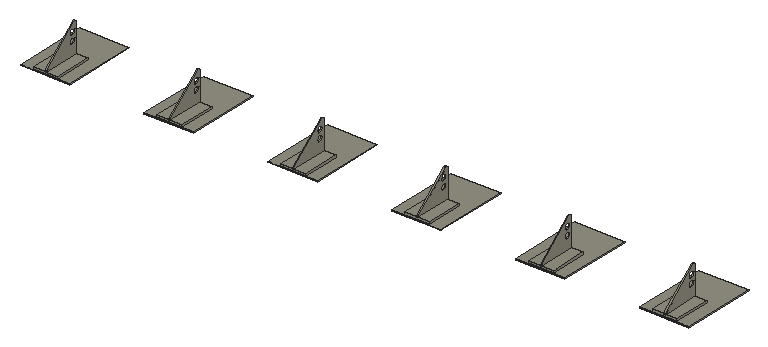
Revit family "Construction_Roof-Accessories_Alpine-SnowGuards_PP125", category Specialty Equipment, host Face, Revit 2019
Family settings
  Host = Face
  Round Connector Dimension = Use Diameter
  Part Type = Normal
  OmniClass Number = 23.35.20.31.27.14
  OmniClass Title = Snow Guards
  Cut with Voids When Loaded = No
  Shared = No
  Room Calculation Point = No
Parameters (values of type "Hi Hole")
  Z_Two Pipe = no
  Z_Two [instance] = Z_Length > Z_Horizontal Spacing  # yes
  Z_Three Pipe = no
  Z_Radius = 1/2"
  Z_One [instance] = not(Z_Array)  # no
  Z_Length [instance] = if(Length < Z_Horizontal Spacing, Z_Horizontal Spacing, Length)  # 100"
  Z_Horizontal Spacing [instance] = if(Horizontal Spacing < 2", 2", Horizontal Spacing)  # 20"
  Z_Hi Hole = yes
  Z_Array [instance] = and(Z_Length > Z_Horizontal Spacing * 2)  # yes
  URL = "https://www.alpinesnowguards.com/model/pp125-comp.-shingle?utm_source=bimobject&utm_medium=productlisting&utm_campaign=2022marketing"
  Snow Guard Count [instance] = if(Length < Horizontal Spacing, 1, if(and(Z_Length > Z_Horizontal Spacing, Z_Length < Z_Horizontal Spacing * 2), 2, Z_Number of Pads Control))  # 6
  Product data url = "https://www.bimobject.com/en-us/alpine-snowguards/product/pp125_two_or_three_pipe_snow_guard"
  Product Material = Alpine SnowGuards - Aluminium - Mill Finish
  Product Guid = "183d45e3-ab5a-41be-a8dc-9c0c1bbc698b"
  Z_Number of Pads Control [instance] = if(Z_Length / Z_Horizontal Spacing + 1 < 3, 3, rounddown(Z_Length / Z_Horizontal Spacing + 1))  # 6
  Pad Material = Alpine SnowGuards - Aluminium - Mill Finish
  Model = "PP125 - Hi Hole"
  Manufacturer = "Alpine SnowGuards"  # constant formula
  Length [instance] = 100"
  Keynote = "07720"
  Length Note [instance] = "To show a single SnowGuard set Length to 0"  # constant formula
  Horizontal Spacing = 20"
  Edition number = 1
  Description = "PP125 two or three pipe, pipe-style snow guard bracket. Multiple base plate sizes available."  # constant formula
  Default Elevation = 48"
  Base Options [instance] = Construction_Roof-Accessories_Alpine-SnowGuards_Base-PP125 : 8"x12"
  Base Material = Alpine SnowGuards - Aluminium - Mill Finish
  Assembly Code = "B3010"
Types (4): name | Z_Two Pipe | Z_Three Pipe | Z_Hi Hole | Model
  (no name) | no | no | yes | "PP125 - Hi Hole"
  Two Pipe | yes | no | no | "PP125 - Two Pipe"
  Three Pipe | no | yes | no | "PP125 - Three Pipe"
  Hi Hole | no | no | yes | "PP125 - Hi Hole"
Reference planes (in)
  plane 1 "Center (Front/Back)": y = 0
  plane 2: z = 0
  plane 3 "Center (Left/Right)": x = 0
  plane 4: x = 100
  plane 5: z = 0.125
  plane 6: x = 20
Dimensions and locks (in)
  "Z_Length": plane 3 "Center (Left/Right)" to plane 4
  locked: plane 5 to plane 2 at 0.125
  "Z_Horizontal Spacing": plane 3 "Center (Left/Right)" to plane 6
  equal spacing: group 1, group 2, group 3, group 7, group 8, group 9  (x3)
  equal spacing: group 4, group 5, group 6, group 10, group 11, group 12  (x3)
  aligned and locked: host face to plane 2
  aligned and locked: level to host face
  aligned and locked: nested 1 to plane 3 "Center (Left/Right)"
  aligned and locked: plane 3 "Center (Left/Right)" to nested 2
  aligned and locked: plane 6 to nested 3
  aligned and locked: nested 1 to plane 1 "Center (Front/Back)"
  aligned and locked: nested 5 to plane 6
  aligned and locked: nested 5 to plane 1 "Center (Front/Back)"
  aligned and locked: nested 9 to plane 1 "Center (Front/Back)"
  aligned and locked: plane 3 "Center (Left/Right)" to nested 9
  aligned and locked: nested 10 to plane 1 "Center (Front/Back)"
  aligned and locked: plane 6 to nested 10
  aligned and locked: nested 7 to plane 1 "Center (Front/Back)"
  aligned and locked: nested 7 to plane 3 "Center (Left/Right)"
  aligned and locked: nested 8 to plane 6
  aligned and locked: nested 8 to plane 1 "Center (Front/Back)"
Automatic sketch dimensions
  host sketch curve to host sketch curve = 135.21334"
  host sketch curve to host sketch curve = 96"
Nested families (in)
  nested 1: "Construction_Roof-Accessories_Alpine-SnowGuards_Pad-PP125" at (0, -5.35561, 0) x (-1, 0, 0) z (0, 0, 1), Pad Material <- "Pad Material", Three Pipe <- "Z_Three Pipe", Two Pipe <- "Z_Two Pipe", Hi Hole <- "Z_Hi Hole", visible <- "Z_Array", type "Construction_Roof-Accessories_Alpine-SnowGuards_Pad-PP125"
    with Two Pipe no, Three Pipe no, Pad Material Alpine SnowGuards - Aluminium - Mill Finish, Hi Hole yes
  nested 2: "Construction_Roof-Accessories_Alpine-SnowGuards_Base-PP125" at (0, 6.64062, 0), type <- "Base Options", Material <- "Base Material", visible <- "Z_Array", type "8"x12""
    with Material Alpine SnowGuards - Aluminium - Mill Finish
  nested 3: "Construction_Roof-Accessories_Alpine-SnowGuards_Base-PP125" at (20, 6.64062, 0), type <- "Base Options", Material <- "Base Material", visible <- "Z_Array", type "8"x12""
    with Material Alpine SnowGuards - Aluminium - Mill Finish
  nested 4: "Construction_Roof-Accessories_Alpine-SnowGuards_Base-PP125" at (40, 6.64062, 0), type <- "Base Options", Material <- "Base Material", visible <- "Z_Array", type "8"x12""
    with Material Alpine SnowGuards - Aluminium - Mill Finish
  nested 5: "Construction_Roof-Accessories_Alpine-SnowGuards_Pad-PP125" at (20, -5.35561, 0) x (-1, 0, 0) z (0, 0, 1), Pad Material <- "Pad Material", Three Pipe <- "Z_Three Pipe", Two Pipe <- "Z_Two Pipe", Hi Hole <- "Z_Hi Hole", visible <- "Z_Array", type "Construction_Roof-Accessories_Alpine-SnowGuards_Pad-PP125"
    with Two Pipe no, Three Pipe no, Pad Material Alpine SnowGuards - Aluminium - Mill Finish, Hi Hole yes
  nested 6: "Construction_Roof-Accessories_Alpine-SnowGuards_Pad-PP125" at (40, -5.35561, 0) x (-1, 0, 0) z (0, 0, 1), Pad Material <- "Pad Material", Three Pipe <- "Z_Three Pipe", Two Pipe <- "Z_Two Pipe", Hi Hole <- "Z_Hi Hole", visible <- "Z_Array", type "Construction_Roof-Accessories_Alpine-SnowGuards_Pad-PP125"
    with Two Pipe no, Three Pipe no, Pad Material Alpine SnowGuards - Aluminium - Mill Finish, Hi Hole yes
  nested 7: "Construction_Roof-Accessories_Alpine-SnowGuards_Pad-PP125" at (0, -5.35561, 0) x (-1, 0, 0) z (0, 0, 1), Pad Material <- "Pad Material", visible <- "Z_One", Three Pipe <- "Z_Three Pipe", Two Pipe <- "Z_Two Pipe", Hi Hole <- "Z_Hi Hole", type "Construction_Roof-Accessories_Alpine-SnowGuards_Pad-PP125"
    with Two Pipe no, Three Pipe no, Pad Material Alpine SnowGuards - Aluminium - Mill Finish, Hi Hole yes
  nested 8: "Construction_Roof-Accessories_Alpine-SnowGuards_Pad-PP125" at (20, -5.35561, 0) x (-1, 0, 0) z (0, 0, 1), Pad Material <- "Pad Material", visible <- "Z_Two", Three Pipe <- "Z_Three Pipe", Two Pipe <- "Z_Two Pipe", Hi Hole <- "Z_Hi Hole", type "Construction_Roof-Accessories_Alpine-SnowGuards_Pad-PP125"
    with Two Pipe no, Three Pipe no, Pad Material Alpine SnowGuards - Aluminium - Mill Finish, Hi Hole yes
  nested 9: "Construction_Roof-Accessories_Alpine-SnowGuards_Base-PP125" at (0, 6.64062, 0), type <- "Base Options", Material <- "Base Material", visible <- "Z_One", type "8"x12""
    with Material Alpine SnowGuards - Aluminium - Mill Finish
  nested 10: "Construction_Roof-Accessories_Alpine-SnowGuards_Base-PP125" at (20, 6.64062, 0), type <- "Base Options", Material <- "Base Material", visible <- "Z_Two", type "8"x12""
    with Material Alpine SnowGuards - Aluminium - Mill Finish
  nested 11: "Construction_Roof-Accessories_Alpine-SnowGuards_Base-PP125" at (60, 6.64062, 0), type <- "Base Options", Material <- "Base Material", visible <- "Z_Array", type "8"x12""
    with Material Alpine SnowGuards - Aluminium - Mill Finish
  nested 12: "Construction_Roof-Accessories_Alpine-SnowGuards_Base-PP125" at (80, 6.64062, 0), type <- "Base Options", Material <- "Base Material", visible <- "Z_Array", type "8"x12""
    with Material Alpine SnowGuards - Aluminium - Mill Finish
  nested 13: "Construction_Roof-Accessories_Alpine-SnowGuards_Base-PP125" at (100, 6.64062, 0), type <- "Base Options", Material <- "Base Material", visible <- "Z_Array", type "8"x12""
    with Material Alpine SnowGuards - Aluminium - Mill Finish
  nested 14: "Construction_Roof-Accessories_Alpine-SnowGuards_Pad-PP125" at (60, -5.35561, 0) x (-1, 0, 0) z (0, 0, 1), Pad Material <- "Pad Material", Three Pipe <- "Z_Three Pipe", Two Pipe <- "Z_Two Pipe", Hi Hole <- "Z_Hi Hole", visible <- "Z_Array", type "Construction_Roof-Accessories_Alpine-SnowGuards_Pad-PP125"
    with Two Pipe no, Three Pipe no, Pad Material Alpine SnowGuards - Aluminium - Mill Finish, Hi Hole yes
  nested 15: "Construction_Roof-Accessories_Alpine-SnowGuards_Pad-PP125" at (80, -5.35561, 0) x (-1, 0, 0) z (0, 0, 1), Pad Material <- "Pad Material", Three Pipe <- "Z_Three Pipe", Two Pipe <- "Z_Two Pipe", Hi Hole <- "Z_Hi Hole", visible <- "Z_Array", type "Construction_Roof-Accessories_Alpine-SnowGuards_Pad-PP125"
    with Two Pipe no, Three Pipe no, Pad Material Alpine SnowGuards - Aluminium - Mill Finish, Hi Hole yes
  nested 16: "Construction_Roof-Accessories_Alpine-SnowGuards_Pad-PP125" at (100, -5.35561, 0) x (-1, 0, 0) z (0, 0, 1), Pad Material <- "Pad Material", Three Pipe <- "Z_Three Pipe", Two Pipe <- "Z_Two Pipe", Hi Hole <- "Z_Hi Hole", visible <- "Z_Array", type "Construction_Roof-Accessories_Alpine-SnowGuards_Pad-PP125"
    with Two Pipe no, Three Pipe no, Pad Material Alpine SnowGuards - Aluminium - Mill Finish, Hi Hole yes
Definition of nested family "Construction_Roof-Accessories_Alpine-SnowGuards_Pad-PP125"
  Parameters (values of type "Construction_Roof-Accessories_Alpine-SnowGuards_Pad-PP125")
    Hi Hole [instance] = no
    Two Pipe [instance] = no
    Three Pipe [instance] = yes
    Pad Material [instance] = none
  Reference planes (in)
    plane 1 "Center (Front/Back)": y = 0
    plane 2: z = 0
    plane 3 "Center (Left/Right)": x = 0
    plane 4: y = -12
    plane 5: x = -3
    plane 6: x = 3
    plane 7: y = -6
    plane 8: y = -5.35561
  Forms (in)
    Extrusion 1, solid, material <- "Pad Material"
      sketch origin (0, 0, 0) x (1, 0, 0) y (0, 0, 1)
        loop
          line (-2, 0.4375) -> (-2, 0.125) -> (2, 0.125) -> (2, 0.4375) -> (-2, 0.4375)
      from 0.13728 to 6.13728
    Sweep 2, solid, material <- "Pad Material", visible <- "Two Pipe", detail levels fine
      path origin (0, 0, 0) x (1, 0, 0) y (0, 0, 1)
        loop
          line (-0.09375, 0.4375) -> (0.09375, 0.4375)
      profile origin (0, 0, 0.4375) x (0, 0, 1) y (0, -1, 0)
        loop
          arc (4.76605, 5.7273) -> (4.80032, 5.99336) -> (4.57394, 6.13728) r 0.25
          line (4.57394, 6.13728) -> (0, 6.13728) -> (0, 0.13728) -> (0.11115, 0.13728) -> (4.76605, 5.7273)
        loop
          circle (3.15625, 5.34534) r 0.53125
        loop
          circle (1.40625, 5.35561) r 0.53125
    Sweep 3, solid, material <- "Pad Material", visible <- "Three Pipe", detail levels fine
      path origin (0, 0, 0) x (1, 0, 0) y (0, 0, 1)
        loop
          line (-0.09375, 0.4375) -> (0.09375, 0.4375)
      profile origin (0, 0, 0.4375) x (0, 0, 1) y (0, -1, 0)
        loop
          arc (4.76605, 5.7273) -> (4.80032, 5.99336) -> (4.57394, 6.13728) r 0.25
          line (4.57394, 6.13728) -> (0, 6.13728) -> (0, 0.13728) -> (0.11115, 0.13728) -> (4.76605, 5.7273)
        loop
          circle (3.46875, 5.35561) r 0.53125
        loop
          circle (2.15625, 5.35561) r 0.53125
        loop
          circle (0.84375, 5.35561) r 0.53125
    Sweep 4, solid, material <- "Pad Material", visible <- "Hi Hole", detail levels fine
      path origin (0, 0, 0) x (1, 0, 0) y (0, 0, 1)
        loop
          line (-0.09375, 0.4375) -> (0.09375, 0.4375)
      profile origin (0, 0, 0.4375) x (0, 0, 1) y (0, -1, 0)
        loop
          arc (4.76605, 5.7273) -> (4.80032, 5.99336) -> (4.57394, 6.13728) r 0.25
          line (4.57394, 6.13728) -> (0, 6.13728) -> (0, 0.13728) -> (0.11115, 0.13728) -> (4.76605, 5.7273)
        loop
          circle (3.40625, 5.35561) r 0.53125
        loop
          circle (2.09375, 5.35561) r 0.53125
    Sweep 5, solid, material <- "Pad Material", visible <- "Hi Hole", detail levels coarse+medium
      path origin (0, 0, 0) x (1, 0, 0) y (0, 0, 1)
        loop
          line (-0.09375, 0.4375) -> (0.09375, 0.4375)
      profile origin (0, 0, 0.4375) x (0, 0, 1) y (0, -1, 0)
        loop
          arc (4.76605, 5.7273) -> (4.80032, 5.99336) -> (4.57394, 6.13728) r 0.25
          line (4.57394, 6.13728) -> (0, 6.13728) -> (0, 0.13728) -> (0.11115, 0.13728) -> (4.76605, 5.7273)
    Sweep 6, solid, material <- "Pad Material", visible <- "Two Pipe", detail levels coarse+medium
      path origin (0, 0, 0) x (1, 0, 0) y (0, 0, 1)
        loop
          line (-0.09375, 0.4375) -> (0.09375, 0.4375)
      profile origin (0, 0, 0.4375) x (0, 0, 1) y (0, -1, 0)
        loop
          arc (4.76605, 5.7273) -> (4.80032, 5.99336) -> (4.57394, 6.13728) r 0.25
          line (4.57394, 6.13728) -> (0, 6.13728) -> (0, 0.13728) -> (0.11115, 0.13728) -> (4.76605, 5.7273)
    Sweep 7, solid, material <- "Pad Material", visible <- "Three Pipe", detail levels coarse+medium
      path origin (0, 0, 0) x (1, 0, 0) y (0, 0, 1)
        loop
          line (-0.09375, 0.4375) -> (0.09375, 0.4375)
      profile origin (0, 0, 0.4375) x (0, 0, 1) y (0, -1, 0)
        loop
          arc (4.76605, 5.7273) -> (4.80032, 5.99336) -> (4.57394, 6.13728) r 0.25
          line (4.57394, 6.13728) -> (0, 6.13728) -> (0, 0.13728) -> (0.11115, 0.13728) -> (4.76605, 5.7273)
  Dimensions and locks (in)
    locked: plane 4 to plane 1 "Center (Front/Back)" at 12
    equal spacing: plane 5, plane 3 "Center (Left/Right)", plane 6
    plane 5 to plane 6 = 6"
    locked: plane 7 to plane 4 at 6
    locked: Extrusion 1 sketch curve to plane 2 at 0.125
    locked: Extrusion 1 sketch curve to Extrusion 1 sketch curve at 0.3125
    locked: Extrusion 1 sketch curve to plane 5 at 1
    locked: plane 6 to Extrusion 1 sketch curve at 1
    locked: plane 8 to plane 7 at 0.64439
    aligned and locked: level to plane 2
  Automatic sketch dimensions
    Sweep 2 sketch curve to plane 3 "Center (Left/Right)" = 3/32"
    plane 3 "Center (Left/Right)" to Sweep 2 sketch curve = 3/32"
    level to Sweep 2 sketch curve = 7/16"
    profile plane to Sweep 2 sketch curve = 0"
    Sweep 2 sketch curve to Sweep 2 sketch curve = 0.11115"
    Sweep 2 sketch curve to profile plane = 1 13/32"
    Sweep 2 sketch curve to Sweep 2 sketch curve = 1 3/4"
    Sweep 2 sketch curve to Sweep 2 sketch curve = 1.41769"
    Sweep 2 sketch curve to Sweep 2 sketch curve = 0.19211"
    plane 1 "Center (Front/Back)" to Sweep 2 sketch curve = 0.13728"
    plane 1 "Center (Front/Back)" to Sweep 2 sketch curve = 5.34534"
    Sweep 2 sketch curve to Sweep 2 sketch curve = 0.01027"
    Sweep 2 sketch curve to Sweep 2 sketch curve = 0.38196"
    Sweep 2 sketch curve to Sweep 2 sketch curve = 0.15998"
    Sweep 3 sketch curve to plane 3 "Center (Left/Right)" = 3/32"
    plane 3 "Center (Left/Right)" to Sweep 3 sketch curve = 3/32"
    level to Sweep 3 sketch curve = 7/16"
    profile plane to Sweep 3 sketch curve = 0"
    Sweep 3 sketch curve to profile plane = 0.11115"
    Sweep 3 sketch curve to profile plane = 27/32"
    Sweep 3 sketch curve to Sweep 3 sketch curve = 1 5/16"  (x2)
    Sweep 3 sketch curve to Sweep 3 sketch curve = 1.10519"
    Sweep 3 sketch curve to Sweep 3 sketch curve = 0.19211"
    plane 1 "Center (Front/Back)" to Sweep 3 sketch curve = 0.13728"
    plane 1 "Center (Front/Back)" to Sweep 3 sketch curve = 5.35561"
    Sweep 3 sketch curve to Sweep 3 sketch curve = 0"  (x2)
    Sweep 3 sketch curve to Sweep 3 sketch curve = 0.37169"
    Sweep 3 sketch curve to Sweep 3 sketch curve = 0.15998"
    Sweep 4 sketch curve to plane 3 "Center (Left/Right)" = 3/32"
    plane 3 "Center (Left/Right)" to Sweep 4 sketch curve = 3/32"
    level to Sweep 4 sketch curve = 7/16"
    profile plane to Sweep 4 sketch curve = 0"
    Sweep 4 sketch curve to profile plane = 0.11115"
    Sweep 4 sketch curve to profile plane = 2 3/32"
    Sweep 4 sketch curve to Sweep 4 sketch curve = 1 5/16"
    Sweep 4 sketch curve to Sweep 4 sketch curve = 1.16769"
    Sweep 4 sketch curve to Sweep 4 sketch curve = 0.19211"
    plane 1 "Center (Front/Back)" to Sweep 4 sketch curve = 0.13728"
    plane 1 "Center (Front/Back)" to Sweep 4 sketch curve = 5.35561"
    Sweep 4 sketch curve to Sweep 4 sketch curve = 0"
    Sweep 4 sketch curve to Sweep 4 sketch curve = 0.37169"
    Sweep 4 sketch curve to Sweep 4 sketch curve = 0.15998"
    Sweep 5 sketch curve to plane 3 "Center (Left/Right)" = 3/32"
    plane 3 "Center (Left/Right)" to Sweep 5 sketch curve = 3/32"
    level to Sweep 5 sketch curve = 7/16"
    profile plane to Sweep 5 sketch curve = 0"
    Sweep 5 sketch curve to profile plane = 0.11115"
    Sweep 5 sketch curve to profile plane = 4.57394"
    Sweep 5 sketch curve to Sweep 5 sketch curve = 0.19211"
    plane 1 "Center (Front/Back)" to Sweep 5 sketch curve = 0.13728"
    plane 1 "Center (Front/Back)" to Sweep 5 sketch curve = 5.7273"
    Sweep 5 sketch curve to Sweep 5 sketch curve = 0.15998"
    Sweep 6 sketch curve to plane 3 "Center (Left/Right)" = 3/32"
    plane 3 "Center (Left/Right)" to Sweep 6 sketch curve = 3/32"
    level to Sweep 6 sketch curve = 7/16"
    profile plane to Sweep 6 sketch curve = 0"
    Sweep 6 sketch curve to Sweep 6 sketch curve = 0.11115"
    Sweep 6 sketch curve to profile plane = 4.57394"
    Sweep 6 sketch curve to Sweep 6 sketch curve = 0.19211"
    plane 1 "Center (Front/Back)" to Sweep 6 sketch curve = 0.13728"
    plane 1 "Center (Front/Back)" to Sweep 6 sketch curve = 5.7273"
    Sweep 6 sketch curve to Sweep 6 sketch curve = 0.15998"
    Sweep 7 sketch curve to plane 3 "Center (Left/Right)" = 3/32"
    plane 3 "Center (Left/Right)" to Sweep 7 sketch curve = 3/32"
    level to Sweep 7 sketch curve = 7/16"
    profile plane to Sweep 7 sketch curve = 0"
    Sweep 7 sketch curve to profile plane = 0.11115"
    Sweep 7 sketch curve to Sweep 7 sketch curve = 0.19211"
    plane 1 "Center (Front/Back)" to Sweep 7 sketch curve = 0.13728"
    Sweep 7 sketch curve to Sweep 7 sketch curve = 0.15998"
    Sweep 7 sketch curve to profile plane = 4.57394"
    plane 1 "Center (Front/Back)" to Sweep 7 sketch curve = 5.7273"
    radius of Sweep 2 sketch curve = 17/32"  (x2)
    radius of Sweep 3 sketch curve = 17/32"  (x3)
    radius of Sweep 4 sketch curve = 17/32"  (x2)
Definition of nested family "Construction_Roof-Accessories_Alpine-SnowGuards_Base-PP125"
  Parameters (values of type "6"x12"")
    Material [instance] = none
    Height = 0"
    8x12 = no
    6x12 = yes
  Types (2): name | 8x12 | 6x12
    8"x12" | yes | no
    6"x12" | no | yes
  Reference planes (in)
    plane 1 "Center (Front/Back)": y = 0
    plane 2: z = 0
    plane 3 "Center (Left/Right)": x = 0
    plane 4: y = -12
    plane 5: x = -4
    plane 6: x = 4
    plane 7: y = -6
    plane 8: x = -3
    plane 9: x = 3
    plane 10 "2": z = 0.125
    plane 11: y = -6.64062
  Forms (in)
    Extrusion 1, solid, material <- "Material", visible <- "8x12"
      sketch origin (0, 0, 0) x (1, 0, 0) y (0, 0, 1)
        loop
          line (-4, 0.125) -> (-4, 0) -> (4, 0) -> (4, 0.125) -> (-4, 0.125)
      from 0 to 12
    Extrusion 2, solid, material <- "Material", visible <- "6x12"
      sketch origin (0, 0, 0) x (1, 0, 0) y (0, 0, 1)
        loop
          line (-3, 0.125) -> (-3, 0) -> (3, 0) -> (3, 0.125) -> (-3, 0.125)
      from 0 to 12
  Lines and regions (in)
    model lines, visible <- "6x12", detail levels fine
      curve 1: circle (-2.37502, -0.63092, 0.125) r 0.28121 normal (0, 0, 1)
      curve 2: circle (2.37502, -0.63092, 0.125) r 0.28121 normal (0, 0, -1)
      curve 3: circle (-2.37502, -2.13092, 0.125) r 0.28121 normal (0, 0, 1)
      curve 4: circle (2.37502, -2.13092, 0.125) r 0.28121 normal (0, 0, -1)
    model lines, visible <- "8x12", detail levels fine
      curve 5: circle (-3.0017, -2.00134, 0.125) r 0.39827 normal (0, 0, 1)
      curve 6: circle (2.9983, -2.00134, 0.125) r 0.39827 normal (0, 0, 1)
      curve 7: circle (-3.0017, -3.99227, 0.125) r 0.39827 normal (0, 0, 1)
      curve 8: circle (2.9983, -3.99227, 0.125) r 0.39827 normal (0, 0, 1)
  Dimensions and locks (in)
    locked: plane 4 to plane 1 "Center (Front/Back)" at 12
    equal spacing: plane 5, plane 3 "Center (Left/Right)", plane 6  (x2)
    locked: plane 7 to plane 4 at 6
    locked: Extrusion 1 sketch curve to level at 0.125
    locked: plane 5 to plane 6 at 8
    equal spacing: plane 8, plane 3 "Center (Left/Right)", plane 9
    locked: plane 8 to plane 9 at 6
    locked: plane 11 to plane 4 at 5.35938
    aligned and locked: level to plane 2
    aligned and locked: plane 5 to Extrusion 1 sketch curve
    aligned and locked: plane 2 to Extrusion 1 sketch curve
    aligned and locked: Extrusion 1 sketch curve to plane 6
    aligned and locked: Extrusion 1 to plane 1 "Center (Front/Back)"
    aligned and locked: Extrusion 1 to plane 4
    aligned and locked: Extrusion 2 to plane 8
    aligned and locked: Extrusion 2 to plane 9
  Automatic sketch dimensions
    Extrusion 2 sketch curve to level = 0"
    Extrusion 2 sketch curve to plane 8 = 0"
    plane 9 to Extrusion 2 sketch curve = 0"
    Extrusion 2 sketch curve to plane 10 "2" = 0"
    plane 9 to curve 8 = 0.0017"
    plane 9 to curve 6 = 0.0017"
    plane 9 to curve 4 = 0.62498"
    plane 9 to curve 2 = 0.62498"
    plane 8 to curve 3 = 0.62498"
    plane 8 to curve 1 = 0.62498"
    curve 7 to plane 8 = 0.0017"
    curve 5 to plane 8 = 0.0017"
    curve 6 to curve 4 = 0.12957"
    curve 5 to curve 3 = 0.12957"
    plane 1 "Center (Front/Back)" to curve 1 = 0.63092"
    plane 1 "Center (Front/Back)" to curve 2 = 0.63092"
    curve 1 to curve 5 = 1.37043"
    curve 2 to curve 6 = 1.37043"
    curve 4 to curve 8 = 1.86135"
    curve 3 to curve 7 = 1.86135"
    radius of curve 1 = 0.28121"
    radius of curve 2 = 0.28121"
    radius of curve 3 = 0.28121"
    radius of curve 4 = 0.28121"
    radius of curve 5 = 0.39827"
    radius of curve 6 = 0.39827"
    radius of curve 7 = 0.39827"
    radius of curve 8 = 0.39827"
